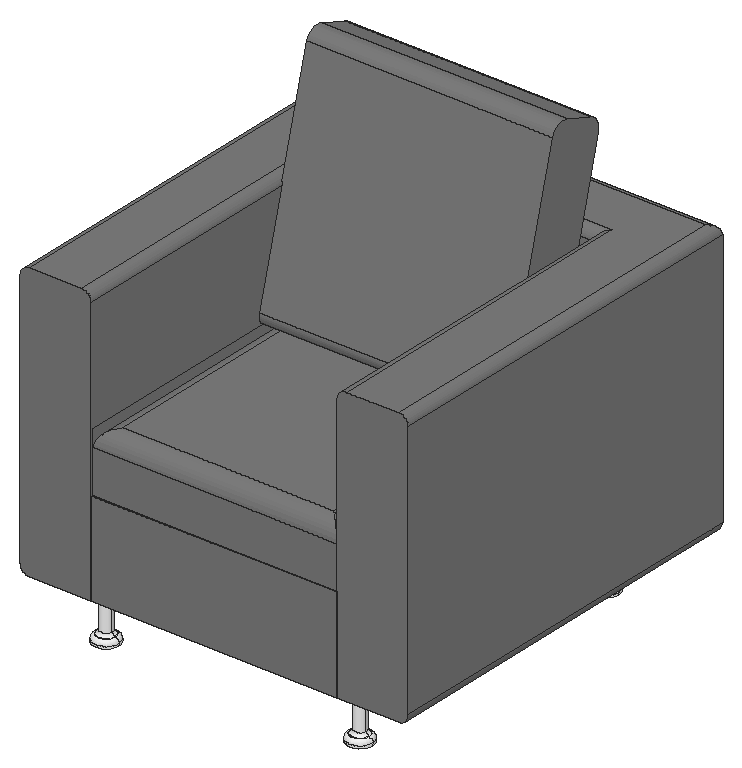
Revit family "Кресло мягкое", category Оборудование, Revit 2017
Family settings
  Размер круглого соединителя = Использовать диаметр
  Тип детали = Нормальный
  На основе рабочей плоскости = Нет
  Всегда вертикально = Да
  При загрузке вырезать с полостями = Нет
  Общий = Нет
  Точка расчета площади = Нет
Parameters (values of type "Chairman Симпл 820х830х830")
  Общ_Ширина = 820 mm
  Общ_Тип, марка = "Симпл"
  Общ_Примечание = ""
  Общ_Поставщик = "Chairman"
  Общ_Позиция = ""
  Общ_Наименование = "Кресло мягкое"
  Общ_Масса = ""
  Общ_Единицы измерения = ""
  Общ_Глубина = 830 mm
  Общ_Высота = 830 mm
  Изготовитель = "Severin"
Types (3, lengths in mm): name | Общ_Ширина | Общ_Тип, марка | Общ_Поставщик | Общ_Наименование | Общ_Единицы измерения | Общ_Глубина | Общ_Высота | Изготовитель
  Chairman Симпл 820х830х830 | 820 | "Симпл" | "Chairman" | "Кресло мягкое" | "" | 830 | 830 | "Severin"
  Диван мягкий трехместный | 1930 | "Арт: Chairman Симпл /3" | "Меб-фф, Россия" | "Диван мягкий трехместный" | "" | 950 | 870 | 0
  Диван двухместный | 1830 | "" | "" | "Диван двухместный" | "шт." | 870 | 800 | 0
Reference planes
  plane 1 "Center (Front/Back)": y = 0
  plane 2: z = 0
  plane 3: z = 100
  plane 4: x = -240.701
  plane 5: x = -920.367
  plane 6: z = 300
  plane 7: z = 425
  plane 8: z = 755
  plane 9: z = 930
  plane 10: y = 566.4
  plane 11: y = 830
  plane 12: x = -100.367
  plane 13: x = -250.367
  plane 14: x = -778.567
  plane 15: y = 50
  plane 16: y = 666.4
  plane 17: x = -770.367
Forms (mm)
  Extrusion 1, solid, material "Кожа черная", detail levels fine
    sketch origin (0, 0, 0) x (1, 0, 0) y (0, 1, 0)
      loop
        line (-770.367, 566.4) -> (-770.367, 0) -> (-250.367, 0) -> (-250.367, 566.4) -> (-770.367, 566.4)
    from 100 to 300
  Sweep 2, solid, material "Кожа черная", detail levels fine
    path origin (0, 0, 0) x (1, 0, 0) y (0, 1, 0)
      loop
        line (-920.367, 0) -> (-920.367, 830) -> (-100.367, 830) -> (-100.367, 0)
    profile origin (0, 415, 0) x (-1, 0, 0) y (0, 0, 1)
      loop
        arc (920.367, 665) -> (914.509, 679.142) -> (900.367, 685) r 20
        line (900.367, 685) -> (790.367, 685)
        arc (790.367, 685) -> (776.225, 679.142) -> (770.367, 665) r 20
        line (770.367, 665) -> (770.367, 100) -> (900.367, 100)
        arc (900.367, 100) -> (914.509, 105.858) -> (920.367, 120) r 20
        line (920.367, 120) -> (920.367, 665)
  Extrusion 3, solid, material "Кожа черная", detail levels fine
    sketch origin (-240.367, 150, 0) x (0, 1, 0) y (0, 0, 1)
      loop
        line (421.19, 438.16) -> (537.434, 867.539)
        arc (537.434, 867.539) -> (536.433, 890.479) -> (519.504, 905.991) r 30
        line (519.504, 905.991) -> (458.424, 928.222)
        arc (458.424, 928.222) -> (435.485, 927.221) -> (419.973, 910.292) r 30
        line (419.973, 910.292) -> (293.147, 451.84)
        arc (293.147, 451.84) -> (295.558, 433.528) -> (311.941, 425) r 20
        line (311.941, 425) -> (402.396, 425)
        arc (402.396, 425) -> (413.867, 428.617) -> (421.19, 438.16) r 20
    from -530 to -10
  Revolve 4, solid, material "Сталь, хромированная", detail levels fine
    sketch origin (500, 700, 0) x (1, 0, 0) y (0, 0, 1)
      loop
        line (-742.167, 0) -> (-768.774, 0) -> (-768.774, 4.308)
        arc (-768.774, 4.308) -> (-766.809, 10.099) -> (-761.724, 13.496) r 9.512
        line (-761.724, 13.496) -> (-760.328, 13.87)
        arc (-760.328, 13.87) -> (-755.97, 16.782) -> (-754.285, 21.745) r 8.152
        line (-754.285, 21.745) -> (-754.285, 100) -> (-742.167, 100)
      axis (-742.167, 0) -> (-742.167, 100)
    angle from 0 to 360
  Revolve 5, solid, material "Сталь, хромированная", detail levels fine
    sketch origin (-1350, 700, 0) x (1, 0, 0) y (0, 0, 1)
      loop
        line (571.433, 0) -> (544.826, 0) -> (544.826, 4.308)
        arc (544.826, 4.308) -> (546.791, 10.099) -> (551.876, 13.496) r 9.512
        line (551.876, 13.496) -> (553.272, 13.87)
        arc (553.272, 13.87) -> (557.63, 16.782) -> (559.315, 21.745) r 8.152
        line (559.315, 21.745) -> (559.315, 100) -> (571.433, 100)
      axis (571.433, 0) -> (571.433, 100)
    angle from 0 to 360
  Revolve 6, solid, material "Сталь, хромированная", detail levels fine
    sketch origin (-1350, 50, 0) x (1, 0, 0) y (0, 0, 1)
      loop
        line (571.433, 0) -> (544.826, 0) -> (544.826, 4.308)
        arc (544.826, 4.308) -> (546.791, 10.099) -> (551.876, 13.496) r 9.512
        line (551.876, 13.496) -> (553.272, 13.87)
        arc (553.272, 13.87) -> (557.63, 16.782) -> (559.315, 21.745) r 8.152
        line (559.315, 21.745) -> (559.315, 100) -> (571.433, 100)
      axis (571.433, 0) -> (571.433, 100)
    angle from 0 to 360
  Revolve 7, solid, material "Сталь, хромированная", detail levels fine
    sketch origin (500, 50, 0) x (1, 0, 0) y (0, 0, 1)
      loop
        line (-742.167, 0) -> (-768.774, 0) -> (-768.774, 4.308)
        arc (-768.774, 4.308) -> (-766.809, 10.099) -> (-761.724, 13.496) r 9.512
        line (-761.724, 13.496) -> (-760.328, 13.87)
        arc (-760.328, 13.87) -> (-755.97, 16.782) -> (-754.285, 21.745) r 8.152
        line (-754.285, 21.745) -> (-754.285, 100) -> (-742.167, 100)
      axis (-742.167, 0) -> (-742.167, 100)
    angle from 0 to 360
  Extrusion 8, solid, material "Кожа черная", detail levels fine
    sketch origin (1222.4, 0, 0) x (1, 0, 0) y (0, 1, 0)
      loop
        line (-1472.767, 563.9) -> (-1992.767, 563.9) -> (-1992.767, 2.5) -> (-1472.767, 2.5) -> (-1472.767, 563.9)
    from 300 to 425
  Sweep 9, void
    path origin (485.8, 0, 0) x (1, 0, 0) y (0, 1, 0)
      loop
        line (-1256.167, 0) -> (-736.167, 0) -> (-736.167, 566.4) -> (-1256.167, 566.4) -> (-1256.167, 0)
    profile origin (0, 283.2, 0) x (-1, 0, 0) y (0, 0, 1)
      loop
        arc (732.867, 425) -> (757.616, 414.749) -> (767.867, 390) r 35
        line (767.867, 390) -> (769.867, 390) -> (769.867, 427) -> (732.867, 427) -> (732.867, 425)
Cuts and joins
  Sweep 9 cuts Sweep 2
  Sweep 9 cuts Extrusion 3
  Sweep 9 cuts Extrusion 8
Lines and regions (mm)
  symbolic lines
    curve 1: line (-920.367, 830, 0) -> (-100.367, 830, 0)
    curve 2: line (-920.367, 0, 0) -> (-920.367, 830, 0)
    curve 3: line (-100.367, 0, 0) -> (-920.367, 0, 0)
    curve 4: line (-100.367, 830, 0) -> (-100.367, 0, 0)
    curve 5: line (-779.413, 689.046, 0) -> (-250.367, 689.046, 0)
    curve 6: line (-779.413, 441.941, 0) -> (-779.413, 689.046, 0)
    curve 7: line (-250.367, 441.941, 0) -> (-779.413, 441.941, 0)
    curve 8: line (-250.367, 689.046, 0) -> (-250.367, 441.941, 0)
    curve 9: line (-848.046, 757.679, 0) -> (-172.689, 757.679, 0)
    curve 10: line (-848.046, 0, 0) -> (-848.046, 757.679, 0)
    curve 11: line (-172.689, 0, 0) -> (-848.046, 0, 0)
    curve 12: line (-172.689, 757.679, 0) -> (-172.689, 0, 0)
    curve 13: line (-250.367, 689.046, 0) -> (-179.657, 759.757, 0)
    curve 14: line (-779.413, 689.046, 0) -> (-857.439, 767.072, 0)
    curve 15: line (-240.701, 563.9, 0) -> (-240.701, 0, 0)
    curve 16: line (-250.367, 441.941, 0) -> (-779.413, 441.941, 0)
    curve 17: line (-770.367, 0, 0) -> (-732.867, 37.5, 0)
    curve 18: line (-240.701, 0, 0) -> (-278.201, 37.5, 0)
    curve 19: line (-240.701, 0, 0) -> (-203.201, 37.5, 0)
    curve 20: line (-250.367, 0, 0) -> (-287.867, 37.5, 0)
    curve 21: line (-250.367, 565.493, 0) -> (-250.367, 0, 0)
    curve 22: line (-779.413, 565.493, 0) -> (-779.413, 0, 0)
Dimensions and locks
  locked: plane 9 to plane 8 at 175
  "Общ_Ширина": plane 5 to plane 12
  "Общ_Глубина": plane 1 "Center (Front/Back)" to plane 11
  locked: plane 1 "Center (Front/Back)" to plane 15 at 50
  locked: plane 16 to plane 11 at 163.6
  locked: plane 10 to plane 11 at 263.6
  locked: plane 5 to plane 17 at 150
  plane 13 to plane 12 = 150 mm
  locked: plane 5 to plane 14 at 141.8
  "Общ_Высота": plane 9 to plane 3
  aligned and locked: Extrusion 3 to plane 13
  aligned and locked: Sweep 2 sketch curve to plane 12
  aligned and locked: plane 17 to cut or joined group of Extrusion 3, Sweep 9
Automatic sketch dimensions
  Extrusion 1 sketch curve to plane 1 "Center (Front/Back)" = 0 mm
  Extrusion 1 sketch curve to plane 17 = 0 mm
  Extrusion 1 sketch curve to plane 10 = 0 mm
  Extrusion 1 sketch curve to plane 13 = 0 mm
  Sweep 2 sketch curve to plane 5 = 0 mm
  Sweep 2 sketch curve to plane 1 "Center (Front/Back)" = 0 mm  (x2)
  Sweep 2 sketch curve to plane 11 = 0 mm
  Extrusion 3 sketch curve to plane 7 = 0 mm
  Extrusion 3 sketch curve to plane 7 = 26.84 mm
  plane 10 to Extrusion 3 sketch curve = 123.253 mm
  Extrusion 3 sketch curve to Extrusion 3 sketch curve = 18.794 mm
  plane 10 to Extrusion 3 sketch curve = 14.004 mm
  Extrusion 3 sketch curve to plane 10 = 3.573 mm
  Extrusion 3 sketch curve to plane 10 = 4.79 mm
  Extrusion 3 sketch curve to Extrusion 3 sketch curve = 28.191 mm
  plane 9 to Extrusion 3 sketch curve = 1.778 mm
  Extrusion 3 sketch curve to Extrusion 3 sketch curve = 10.261 mm  (x2)
  plane 16 to Extrusion 3 sketch curve = 7.156 mm
  Extrusion 3 sketch curve to plane 16 = 3.104 mm
  Extrusion 3 sketch curve to plane 16 = 21.034 mm
  Extrusion 3 sketch curve to plane 7 = 13.16 mm
  plane 9 to Extrusion 3 sketch curve = 62.461 mm
  plane 9 to Extrusion 3 sketch curve = 29.969 mm
  Revolve 4 sketch curve to level = 0 mm  (x2)
  Revolve 4 sketch curve to plane 3 = 0 mm  (x2)
  plane 13 to Revolve 4 sketch curve = 3.918 mm
  level to Revolve 4 sketch curve = 4.308 mm
  plane 13 to Revolve 4 sketch curve = 8.895 mm
  Revolve 4 sketch curve to Revolve 4 sketch curve = 1.066 mm
  Revolve 4 sketch curve to Revolve 4 sketch curve = 1.396 mm
  Revolve 4 sketch curve to Revolve 4 sketch curve = 2.11 mm
  Revolve 4 sketch curve to Revolve 4 sketch curve = 9.512 mm
  Revolve 4 sketch curve to Revolve 4 sketch curve = 0.374 mm
  Revolve 5 sketch curve to level = 0 mm  (x2)
  Revolve 5 sketch curve to plane 3 = 0 mm  (x2)
  Revolve 5 sketch curve to plane 14 = 0 mm  (x3)
  plane 14 to Revolve 5 sketch curve = 12.118 mm
  level to Revolve 5 sketch curve = 4.308 mm
  plane 14 to Revolve 5 sketch curve = 17.095 mm
  Revolve 5 sketch curve to Revolve 5 sketch curve = 1.066 mm
  Revolve 5 sketch curve to Revolve 5 sketch curve = 1.396 mm
  Revolve 5 sketch curve to Revolve 5 sketch curve = 8.152 mm
  Revolve 5 sketch curve to Revolve 5 sketch curve = 9.512 mm
  Revolve 5 sketch curve to Revolve 5 sketch curve = 0.374 mm
  Revolve 6 sketch curve to level = 0 mm  (x2)
  Revolve 6 sketch curve to plane 3 = 0 mm  (x2)
  Revolve 6 sketch curve to plane 14 = 0 mm  (x3)
  plane 14 to Revolve 6 sketch curve = 12.118 mm
  level to Revolve 6 sketch curve = 4.308 mm
  plane 14 to Revolve 6 sketch curve = 17.095 mm
  Revolve 6 sketch curve to Revolve 6 sketch curve = 1.066 mm
  Revolve 6 sketch curve to Revolve 6 sketch curve = 1.396 mm
  Revolve 6 sketch curve to Revolve 6 sketch curve = 8.152 mm
  Revolve 6 sketch curve to Revolve 6 sketch curve = 9.512 mm
  Revolve 6 sketch curve to Revolve 6 sketch curve = 0.374 mm
  Revolve 7 sketch curve to level = 0 mm  (x2)
  Revolve 7 sketch curve to plane 3 = 0 mm  (x2)
  plane 13 to Revolve 7 sketch curve = 3.918 mm
  level to Revolve 7 sketch curve = 4.308 mm
  plane 13 to Revolve 7 sketch curve = 8.895 mm
  Revolve 7 sketch curve to Revolve 7 sketch curve = 1.066 mm
  Revolve 7 sketch curve to Revolve 7 sketch curve = 1.396 mm
  Revolve 7 sketch curve to Revolve 7 sketch curve = 2.11 mm
  Revolve 7 sketch curve to Revolve 7 sketch curve = 9.512 mm
  Revolve 7 sketch curve to Revolve 7 sketch curve = 0.374 mm
  plane 4 to Extrusion 8 sketch curve = 529.667 mm
  Extrusion 8 sketch curve to plane 13 = 0 mm
  Extrusion 8 sketch curve to plane 1 "Center (Front/Back)" = 2.5 mm
  plane 10 to Extrusion 8 sketch curve = 2.5 mm
  profile plane to Sweep 9 sketch curve = 37.5 mm
  profile plane to Sweep 9 sketch curve = 2.5 mm
  profile plane to Sweep 9 sketch curve = 0.5 mm
  level to Sweep 9 sketch curve = 390 mm
  Sweep 9 sketch curve to Sweep 9 sketch curve = 37 mm
  curve 3 to plane 5 = 0 mm
  plane 1 "Center (Front/Back)" to curve 11 = 0 mm
  curve 17 to plane 17 = 0 mm
  curve 18 to plane 4 = 0 mm
  curve 13 to plane 13 = 0 mm
  curve 21 to plane 13 = 0 mm
  plane 11 to curve 1 = 0 mm
  curve 1 to plane 12 = 0 mm
  plane 14 to curve 11 = 69.479 mm
  plane 14 to curve 6 = 0.846 mm
  plane 10 to curve 6 = 124.459 mm
  curve 6 to plane 16 = 22.646 mm
  plane 11 to curve 9 = 72.321 mm
  curve 14 to curve 9 = 9.394 mm
  plane 14 to curve 22 = 0.846 mm
  plane 15 to curve 17 = 12.5 mm
  curve 17 to plane 17 = 37.5 mm
  plane 15 to curve 18 = 12.5 mm
  plane 4 to curve 18 = 37.5 mm
  plane 15 to curve 19 = 12.5 mm
  plane 15 to curve 20 = 12.5 mm
  plane 13 to curve 20 = 37.5 mm
  curve 13 to curve 9 = 6.968 mm
  plane 10 to curve 15 = 2.5 mm
  plane 10 to curve 21 = 0.907 mm
  plane 10 to curve 22 = 0.907 mm
  curve 9 to curve 13 = 2.078 mm
  curve 9 to curve 14 = 9.394 mm
  Sweep 2 sketch curve to profile plane = 0 mm
  profile plane to Sweep 2 sketch curve = 20 mm  (x2)
  Sweep 2 sketch curve to Sweep 2 sketch curve = 110 mm
  Sweep 2 sketch curve to Sweep 2 sketch curve = 130 mm
  level to Sweep 2 sketch curve = 100 mm
  Sweep 2 sketch curve to Sweep 2 sketch curve = 565 mm
  plane 1 "Center (Front/Back)" to curve 22 = 0 mm
  plane 10 to Sweep 9 sketch curve = 0 mm
  Sweep 9 sketch curve to plane 17 = 0 mm
  plane 1 "Center (Front/Back)" to Sweep 9 sketch curve = 0 mm
  Sweep 9 sketch curve to plane 13 = 0 mm
  curve 19 to curve 11 = 30.512 mm
  plane 4 to Revolve 4 sketch curve = 1.467 mm  (x2)
  Revolve 4 sketch curve to Revolve 4 sketch curve = 0 mm
  plane 4 to Revolve 7 sketch curve = 1.467 mm  (x2)
  Revolve 7 sketch curve to Revolve 7 sketch curve = 0 mm
